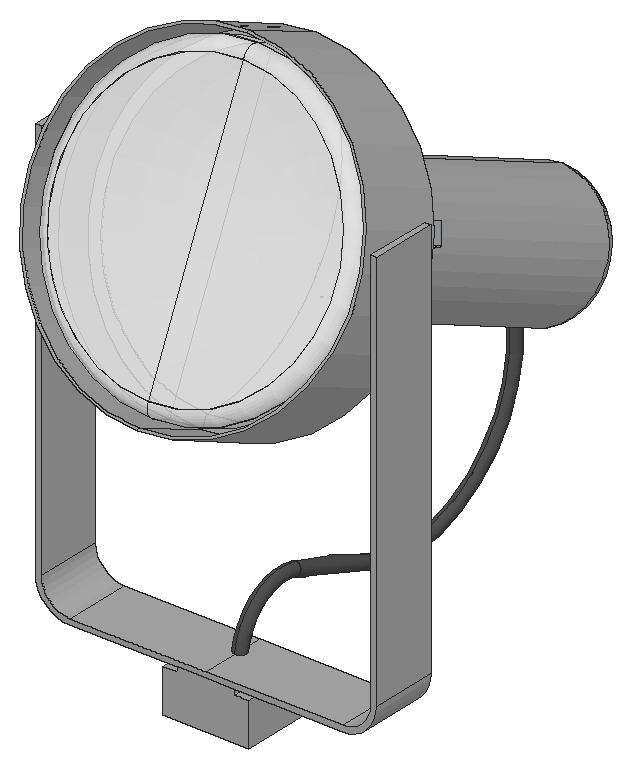
Revit family "AKTFLGR38", category Lighting Fixtures, host Face, Revit 2012
Parameters (values of type "AKTFLGR38")
  Wire = Black
  Wattage Comments = "250 W"
  Wattage = 250 W
  built-in parameter 1150110 = 1 (stored number, unit not read)
  built-in parameter 1114217 = 1 (stored number, unit not read)
  Tilt Angle = 60.00°
  built-in parameter 1150109 = 1 (stored number, unit not read)
  built-in parameter 1150134 = 3
  built-in parameter 1150113 = 1 (stored number, unit not read)
  Photometric Web File = "generic"
  built-in parameter 1150142 = (empty or 0)
  built-in parameter 1150105 = 2955.1 (stored number, unit not read)
  Lumens = 37135.5 lm
  built-in parameter 1150115 = 1 (stored number, unit not read)
  built-in parameter 1150137 = (empty or 0)
  built-in parameter 1150139 = (empty or 0)
  built-in parameter 1150112 = 1 (stored number, unit not read)
  built-in parameter 1150114 = 1 (stored number, unit not read)
  built-in parameter 1150132 = (empty or 0)
  built-in parameter 1150102 = (empty or 0)
  built-in parameter 1150107 = 3200 (stored number, unit not read)
  built-in parameter 1150138 = (empty or 0)
  built-in parameter 1150106 = 29.551 (stored number, unit not read)
  Finish = Diecast Aluminium
  URL = "http://www.prescolite.com"
  Product Page URL = "http://www.prescolite.com/products/gimbals/"
  Product Documentation Link = "http://www.prescolite.com/content/products/specs/specs_files/atrk_004.pdf"
  Model = "AKTFLGR38"  # constant formula
  Manufacturer Phone = "864-678-1000"  # constant formula
  Manufacturer Fax = "864-678-1065"  # constant formula
  Manufacturer = "Prescolite"  # constant formula
  Lamp = "1"
  Glass = Glass
  Family = "Front Load Gimbals"
  built-in parameter 1150104 = 13.8 (stored number, unit not read)
  Dimming Lamp Color Temperature Shift = <None>
  Description = "One Line Voltage Lamp up to 250W"  # constant formula
  Default Elevation = 48"
  Color Filter = 16777215
  built-in parameter 1114218 = 1 (stored number, unit not read)
  built-in parameter 1150133 = 10 (stored number, unit not read)
Reference planes (in)
  plane 1 "Center (Front/Back)": y = 0
  plane 2: z = 0
  plane 3 "Center (Left/Right)": x = 0.0375
  plane 4: z = 10.5625
  plane 5: through (0, -3.62648, 8.81867) normal (0, -0.4226, -0.9063)
  plane 6: through (0, -1.37648, 8.81867) normal (0, -0.9063, 0.4226)
  plane 7: through (0, -2.99337, 5.35123) normal (0, -0.4226, -0.9063)
  plane 8: through (0, -0.56331, 10.5625) normal (0, -0.4226, -0.9063)
  plane 9: x = -2.84077
Forms (in)
  Revolve 1, solid, material "Diecast Aluminium" <- "Finish"
    sketch origin (0.0375, -0.50186, 3.11126) x (0, -1, 0) y (0, 0, 1)
      loop
        line (0.06145, 7.45124) -> (-1.38864, 6.77505) -> (-1.28298, 6.54847)
        arc (-1.28298, 6.54847) -> (-1.8816, 5.47846) -> (-1.98332, 4.2566) r 2.89325
        line (-1.98332, 4.2566) -> (-2.17564, 4.16692) -> (-2.30555, 4.44551) -> (-6.76334, 2.36681)
        arc (-6.76334, 2.36681) -> (-6.86003, 2.2613) -> (-6.85378, 2.11832) r 0.18699
        line (-6.85378, 2.11832) -> (-6.44628, 1.24442) -> (-1.70228, 3.45658)
        arc (-1.70228, 3.45658) -> (-1.92269, 5.07406) -> (-1.21696, 6.54605) r 2.84247
        line (-1.21696, 6.54605) -> (-1.32148, 6.7512) -> (0.08259, 7.40593) -> (0.06145, 7.45124)
      axis (1.27648, 4.84561) -> (-6.44628, 1.24442)
    angle from 0 to 360
  Extrusion 2, solid, material "Diecast Aluminium" <- "Finish"
    sketch origin (0, -1.52177, -0.09278) x (1, 0, 0) y (0, 0, 1)
      loop
        line (-2.84077, 8.55027) -> (-2.94234, 8.55027) -> (-2.94234, 1.52452)
        arc (-2.94234, 1.52452) -> (-2.7666, 1.10025) -> (-2.34234, 0.92452) r 0.6
        line (-2.34234, 0.92452) -> (0.0375, 0.92452) -> (2.41734, 0.92452)
        arc (2.41734, 0.92452) -> (2.8416, 1.10025) -> (3.01734, 1.52452) r 0.6
        line (3.01734, 1.52452) -> (3.01734, 8.55027) -> (2.91577, 8.55027) -> (2.91577, 1.52608)
        arc (2.91577, 1.52608) -> (2.76933, 1.17253) -> (2.41577, 1.02608) r 0.5
        line (2.41577, 1.02608) -> (0.0375, 1.02608) -> (-2.34077, 1.02608)
        arc (-2.34077, 1.02608) -> (-2.69433, 1.17253) -> (-2.84077, 1.52608) r 0.5
        line (-2.84077, 1.52608) -> (-2.84077, 8.55027)
    from -1.19143 to -0.02177
  Extrusion 3, solid, material "Diecast Aluminium" <- "Finish"
    sketch origin (0.075, 0, 0) x (-1, 0, 0) y (0, 0, 1)
      loop
        line (-0.7125, 0) -> (0.7875, 0) -> (0.7875, 0.75) -> (0.5375, 0.75) -> (0.5375, 0.83174) -> (0.0375, 0.83174) -> (-0.4625, 0.83174) -> (-0.4625, 0.75) -> (-0.7125, 0.75) -> (-0.7125, 0)
    from -0.33034 to -1.5
  Sweep 4, solid, material "Black" <- "Wire"
    path origin (0.0375, 0, 0) x (0, -1, 0) y (0, 0, 1)
      loop
        arc (-3.88608, 5.3155) -> (-5.0579, 2.30603) -> (-2.0676, 1.08613) r 2.30217
        arc (-2.0676, 1.08613) -> (-1.25699, 1.43403) -> (-0.41763, 1.70535) r 9.51209
        arc (-0.41763, 1.70535) -> (0.41965, 1.53062) -> (0.76925, 0.75) r 0.9406
    profile origin (0.0375, 1.25699, 1.43403) x (0, 0.351368, 0.936238) y (-1, 0, 0)
      loop
        circle (0, 0) r 0.1083
  Revolve 5, solid, material "Glass" <- "Glass"
    sketch origin (0.0375, -0.27734, 1.59274) x (0, -1, 0) y (0, 0, 1)
      loop
        line (1.44793, 6.33938) -> (0.41181, 8.56135)
        arc (0.41181, 8.56135) -> (0.27074, 8.69062) -> (0.07958, 8.68228) r 0.25
        line (0.07958, 8.68228) -> (-0.25721, 8.52523) -> (0.88456, 6.07668) -> (1.44793, 6.33938)
      axis (1.44793, 6.33938) -> (0.88456, 6.07668)
    angle from 0 to 360
  Extrusion 6, solid
    sketch origin (0.0375, 0, 0) x (0, -1, 0) y (0, 0, 1)
      loop
        arc (-0.87036, 9.8511) -> (-1.60694, 8.80102) -> (-1.79204, 7.53178) r 2.77246
        line (-1.79204, 7.53178) -> (-1.7238, 7.38545)
        arc (-1.7238, 7.38545) -> (-1.58939, 8.7042) -> (-0.84795, 9.80304) r 2.72168
        line (-0.84795, 9.80304) -> (-0.87036, 9.8511)
    from -0.17416 to 0.17376
  Extrusion 7, solid
    sketch origin (6.18114, 1.88641, 4.04541) x (0.401934, -0.876586, 0.264662) y (-0.86195, -0.264662, 0.432431)
      loop
        arc (-0.87036, 9.8511) -> (-1.60694, 8.80102) -> (-1.79204, 7.53178) r 2.77246
        line (-1.79204, 7.53178) -> (-1.7238, 7.38545)
        arc (-1.7238, 7.38545) -> (-1.58939, 8.7042) -> (-0.84795, 9.80304) r 2.72168
        line (-0.84795, 9.80304) -> (-0.87036, 9.8511)
    from -0.17416 to 0.17376
  Extrusion 8, solid
    sketch origin (3.83448, 4.93868, 10.59103) x (0.248409, -0.676898, 0.692894) y (-0.532714, -0.692894, -0.485915)
      loop
        arc (-0.87036, 9.8511) -> (-1.60694, 8.80102) -> (-1.79204, 7.53178) r 2.77246
        line (-1.79204, 7.53178) -> (-1.7238, 7.38545)
        arc (-1.7238, 7.38545) -> (-1.58939, 8.7042) -> (-0.84795, 9.80304) r 2.72168
        line (-0.84795, 9.80304) -> (-0.87036, 9.8511)
    from -0.17416 to 0.17376
  Extrusion 9, solid
    sketch origin (-6.10614, 1.88641, 4.04541) x (-0.401934, -0.876586, 0.264662) y (0.86195, -0.264662, 0.432431)
      loop
        arc (-0.87036, 9.8511) -> (-1.60694, 8.80102) -> (-1.79204, 7.53178) r 2.77246
        line (-1.79204, 7.53178) -> (-1.7238, 7.38545)
        arc (-1.7238, 7.38545) -> (-1.58939, 8.7042) -> (-0.84795, 9.80304) r 2.72168
        line (-0.84795, 9.80304) -> (-0.87036, 9.8511)
    from -0.17416 to 0.17376
  Extrusion 10, solid
    sketch origin (-3.75948, 4.93868, 10.59103) x (-0.248409, -0.676898, 0.692894) y (0.532714, -0.692894, -0.485915)
      loop
        arc (-0.87036, 9.8511) -> (-1.60694, 8.80102) -> (-1.79204, 7.53178) r 2.77246
        line (-1.79204, 7.53178) -> (-1.7238, 7.38545)
        arc (-1.7238, 7.38545) -> (-1.58939, 8.7042) -> (-0.84795, 9.80304) r 2.72168
        line (-0.84795, 9.80304) -> (-0.87036, 9.8511)
    from -0.17416 to 0.17376
Dimensions and locks (in)
  locked: plane 4 to plane 2 at 10.5625
  locked: plane 7 to plane 8 at 5.75
  aligned and locked: plane 2 to host face
  aligned and locked: level to host face
  aligned and locked: level to Extrusion 3 sketch curve
  aligned and locked: Extrusion 3 sketch curve to Extrusion 2  (x3)
  aligned and locked: Extrusion 3 sketch curve to level
  aligned and locked: plane 5 to Revolve 5 sketch curve  (x3)
  aligned and locked: Revolve 5 sketch curve to plane 5
  aligned and locked: Revolve 1 sketch curve to plane 5  (x2)
  aligned and locked: imposter light to Extrusion 2 sketch curve  (x2)
  aligned and locked: plane 8 to Revolve 1 sketch curve
  aligned and locked: Extrusion 2 sketch curve to Extrusion 2 sketch curve
  aligned and locked: Revolve 1 sketch curve to Revolve 1 sketch curve
Connectors (in)
  electrical at (0.0375, -0.91517, 0), driven by "Description"
    settings: on Extrusion 3, index 1, voltage 0 V, apparent load 0 VA, apparent load phase1 0 VA, apparent load phase2 0 VA, apparent load phase3 0 VA, power factor 1, load classification "Other", number of poles 1, system type 30, power factor state 1, is connector primary yes, connector utility no, sub classification motor no, connector description "One Line Voltage Lamp up to 250W"
